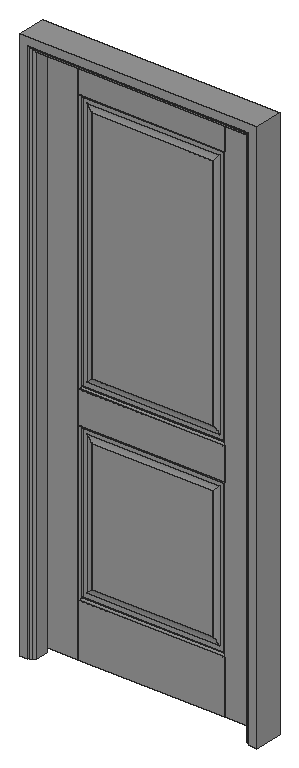
Revit family "V813MERCARVE9", category Doors, host Wall, Revit 2015 (continued)
Forms (mm)
  Sweep 137, void
    path origin (277.213, 102.5, 1742.818) x (-1, 0, 0) y (0, 0, -1)
      loop
        line (349.91, 683.492) -> (302.508, 683.492) -> (302.508, 636.09) -> (349.91, 636.09) -> (349.91, 683.492)
    profile origin (-48.996, 102.5, 1059.326) x (0, 0, 1) y (0, -1, 0)
      loop
        line (-4, 59) -> (4, 59) -> (0, 62.5) -> (-4, 59)
  Sweep 138, void
    path origin (277.213, 102.5, 322.826) x (-1, 0, 0) y (0, 0, -1)
      loop
        line (352.839, -726.5) -> (368.134, -711.205) -> (352.839, -695.91) -> (299.579, -695.91) -> (284.284, -711.205) -> (299.579, -726.5) -> (352.839, -726.5)
    profile origin (-48.996, 102.5, 1049.326) x (0, 0, 1) y (0, -1, 0)
      loop
        line (4, 59) -> (0, 62.5) -> (-4, 59) -> (4, 59)
  Sweep 139, void
    path origin (277.213, 102.5, 420.818) x (-1, 0, 0) y (0, 0, -1)
      loop
        line (352.839, -726.5) -> (368.134, -711.205) -> (352.839, -695.91) -> (299.579, -695.91) -> (284.284, -711.205) -> (299.579, -726.5) -> (352.839, -726.5)
    profile origin (-48.996, 102.5, 1147.318) x (0, 0, 1) y (0, -1, 0)
      loop
        line (4, 59) -> (0, 62.5) -> (-4, 59) -> (4, 59)
  Sweep 140, void
    path origin (-473.197, 102.5, 1742.818) x (1, 0, 0) y (0, 0, 1)
      loop
        line (349.91, -683.492) -> (349.91, -636.09) -> (302.508, -636.09) -> (302.508, -683.492) -> (349.91, -683.492)
    profile origin (-146.988, 102.5, 1059.326) x (0, 0, -1) y (0, -1, 0)
      loop
        line (4, 59) -> (0, 62.5) -> (-4, 59) -> (4, 59)
  Sweep 141, void
    path origin (-473.197, 102.5, 322.826) x (1, 0, 0) y (0, 0, 1)
      loop
        line (352.839, 726.5) -> (299.579, 726.5) -> (284.284, 711.205) -> (299.579, 695.91) -> (352.839, 695.91) -> (368.134, 711.205) -> (352.839, 726.5)
    profile origin (-146.988, 102.5, 1049.326) x (0, 0, -1) y (0, -1, 0)
      loop
        line (-4, 59) -> (4, 59) -> (0, 62.5) -> (-4, 59)
  Sweep 142, void
    path origin (-473.197, 102.5, 420.818) x (1, 0, 0) y (0, 0, 1)
      loop
        line (352.839, 726.5) -> (299.579, 726.5) -> (284.284, 711.205) -> (299.579, 695.91) -> (352.839, 695.91) -> (368.134, 711.205) -> (352.839, 726.5)
    profile origin (-146.988, 102.5, 1147.318) x (0, 0, -1) y (0, -1, 0)
      loop
        line (-4, 59) -> (4, 59) -> (0, 62.5) -> (-4, 59)
  Sweep 143, void
    path origin (515.221, 102.5, 1409.236) x (0, 0, -1) y (1, 0, 0)
      loop
        line (369.149, -712.221) -> (352.839, -695.91) -> (299.579, -695.91) -> (283.268, -712.221) -> (369.149, -712.221)
    profile origin (-197, 102.5, 1083.027) x (-1, 0, 0) y (0, -1, 0)
      loop
        line (4, 59) -> (0, 62.5) -> (-4, 59) -> (4, 59)
  Sweep 144, void
    path origin (473.197, 102.5, 1742.818) x (-1, 0, 0) y (0, 0, -1)
      loop
        line (349.91, 683.492) -> (302.508, 683.492) -> (302.508, 636.09) -> (349.91, 636.09) -> (349.91, 683.492)
    profile origin (146.988, 102.5, 1059.326) x (0, 0, 1) y (0, -1, 0)
      loop
        line (-4, 59) -> (4, 59) -> (0, 62.5) -> (-4, 59)
  Sweep 145, void
    path origin (473.197, 102.5, 322.826) x (-1, 0, 0) y (0, 0, -1)
      loop
        line (352.839, -726.5) -> (368.134, -711.205) -> (352.839, -695.91) -> (299.579, -695.91) -> (284.284, -711.205) -> (299.579, -726.5) -> (352.839, -726.5)
    profile origin (146.988, 102.5, 1049.326) x (0, 0, 1) y (0, -1, 0)
      loop
        line (4, 59) -> (0, 62.5) -> (-4, 59) -> (4, 59)
  Sweep 146, void
    path origin (473.197, 102.5, 420.818) x (-1, 0, 0) y (0, 0, -1)
      loop
        line (352.839, -726.5) -> (368.134, -711.205) -> (352.839, -695.91) -> (299.579, -695.91) -> (284.284, -711.205) -> (299.579, -726.5) -> (352.839, -726.5)
    profile origin (146.988, 102.5, 1147.318) x (0, 0, 1) y (0, -1, 0)
      loop
        line (4, 59) -> (0, 62.5) -> (-4, 59) -> (4, 59)
  Sweep 147, void
    path origin (-515.221, 102.5, 1409.236) x (0, 0, -1) y (1, 0, 0)
      loop
        line (369.149, 712.221) -> (283.268, 712.221) -> (299.579, 695.91) -> (352.839, 695.91) -> (369.149, 712.221)
    profile origin (197, 102.5, 1083.027) x (-1, 0, 0) y (0, -1, 0)
      loop
        line (-4, 59) -> (4, 59) -> (0, 62.5) -> (-4, 59)
  Sweep 148, void
    path origin (809.197, 102.5, 1997.19) x (0, 0, -1) y (1, 0, 0)
      loop
        line (352.839, -726.5) -> (368.134, -711.205) -> (352.839, -695.91) -> (299.579, -695.91) -> (284.284, -711.205) -> (299.579, -726.5) -> (352.839, -726.5)
    profile origin (82.697, 102.5, 1670.981) x (-1, 0, 0) y (0, -1, 0)
      loop
        line (4, 59) -> (0, 62.5) -> (-4, 59) -> (4, 59)
  Sweep 149, void
    path origin (-277.213, 102.5, 2330.772) x (1, 0, 0) y (0, 0, 1)
      loop
        line (349.91, -683.492) -> (349.91, -636.09) -> (302.508, -636.09) -> (302.508, -683.492) -> (349.91, -683.492)
    profile origin (48.996, 102.5, 1647.279) x (0, 0, -1) y (0, -1, 0)
      loop
        line (4, 59) -> (0, 62.5) -> (-4, 59) -> (4, 59)
  Sweep 150, void
    path origin (711.205, 102.5, 1997.19) x (0, 0, -1) y (1, 0, 0)
      loop
        line (352.839, -726.5) -> (368.134, -711.205) -> (352.839, -695.91) -> (299.579, -695.91) -> (284.284, -711.205) -> (299.579, -726.5) -> (352.839, -726.5)
    profile origin (-15.295, 102.5, 1670.981) x (-1, 0, 0) y (0, -1, 0)
      loop
        line (4, 59) -> (0, 62.5) -> (-4, 59) -> (4, 59)
  Sweep 151, void
    path origin (809.197, 102.5, 2095.182) x (0, 0, -1) y (1, 0, 0)
      loop
        line (352.839, -726.5) -> (368.134, -711.205) -> (352.839, -695.91) -> (299.579, -695.91) -> (284.284, -711.205) -> (299.579, -726.5) -> (352.839, -726.5)
    profile origin (82.697, 102.5, 1768.973) x (-1, 0, 0) y (0, -1, 0)
      loop
        line (4, 59) -> (0, 62.5) -> (-4, 59) -> (4, 59)
  Sweep 152, void
    path origin (-277.213, 102.5, 2428.764) x (1, 0, 0) y (0, 0, 1)
      loop
        line (349.91, -683.492) -> (349.91, -636.09) -> (302.508, -636.09) -> (302.508, -683.492) -> (349.91, -683.492)
    profile origin (48.996, 102.5, 1745.272) x (0, 0, -1) y (0, -1, 0)
      loop
        line (4, 59) -> (0, 62.5) -> (-4, 59) -> (4, 59)
  Sweep 153, void
    path origin (711.205, 102.5, 2095.182) x (0, 0, -1) y (1, 0, 0)
      loop
        line (352.839, -726.5) -> (368.134, -711.205) -> (352.839, -695.91) -> (299.579, -695.91) -> (284.284, -711.205) -> (299.579, -726.5) -> (352.839, -726.5)
    profile origin (-15.295, 102.5, 1768.973) x (-1, 0, 0) y (0, -1, 0)
      loop
        line (4, 59) -> (0, 62.5) -> (-4, 59) -> (4, 59)
  Sweep 154, void
    path origin (-277.213, 102.5, 1008.772) x (1, 0, 0) y (0, 0, 1)
      loop
        line (352.839, 726.5) -> (299.579, 726.5) -> (284.284, 711.205) -> (299.579, 695.91) -> (352.839, 695.91) -> (368.134, 711.205) -> (352.839, 726.5)
    profile origin (48.996, 102.5, 1735.272) x (0, 0, -1) y (0, -1, 0)
      loop
        line (-4, 59) -> (4, 59) -> (0, 62.5) -> (-4, 59)
  Sweep 155, void
    path origin (-277.213, 102.5, 1106.764) x (1, 0, 0) y (0, 0, 1)
      loop
        line (352.839, 726.5) -> (299.579, 726.5) -> (284.284, 711.205) -> (299.579, 695.91) -> (352.839, 695.91) -> (368.134, 711.205) -> (352.839, 726.5)
    profile origin (48.996, 102.5, 1833.264) x (0, 0, -1) y (0, -1, 0)
      loop
        line (-4, 59) -> (4, 59) -> (0, 62.5) -> (-4, 59)
  Sweep 156, void
    path origin (-809.197, 102.5, 1997.19) x (0, 0, -1) y (1, 0, 0)
      loop
        line (352.839, 726.5) -> (299.579, 726.5) -> (284.284, 711.205) -> (299.579, 695.91) -> (352.839, 695.91) -> (368.134, 711.205) -> (352.839, 726.5)
    profile origin (-82.697, 102.5, 1670.981) x (-1, 0, 0) y (0, -1, 0)
      loop
        line (-4, 59) -> (4, 59) -> (0, 62.5) -> (-4, 59)
  Sweep 157, void
    path origin (277.213, 102.5, 2330.772) x (-1, 0, 0) y (0, 0, -1)
      loop
        line (349.91, 683.492) -> (302.508, 683.492) -> (302.508, 636.09) -> (349.91, 636.09) -> (349.91, 683.492)
    profile origin (-48.996, 102.5, 1647.279) x (0, 0, 1) y (0, -1, 0)
      loop
        line (-4, 59) -> (4, 59) -> (0, 62.5) -> (-4, 59)
  Sweep 158, void
    path origin (-809.197, 102.5, 2095.182) x (0, 0, -1) y (1, 0, 0)
      loop
        line (352.839, 726.5) -> (299.579, 726.5) -> (284.284, 711.205) -> (299.579, 695.91) -> (352.839, 695.91) -> (368.134, 711.205) -> (352.839, 726.5)
    profile origin (-82.697, 102.5, 1768.973) x (-1, 0, 0) y (0, -1, 0)
      loop
        line (-4, 59) -> (4, 59) -> (0, 62.5) -> (-4, 59)
  Sweep 159, void
    path origin (277.213, 102.5, 2428.764) x (-1, 0, 0) y (0, 0, -1)
      loop
        line (349.91, 683.492) -> (302.508, 683.492) -> (302.508, 636.09) -> (349.91, 636.09) -> (349.91, 683.492)
    profile origin (-48.996, 102.5, 1745.272) x (0, 0, 1) y (0, -1, 0)
      loop
        line (-4, 59) -> (4, 59) -> (0, 62.5) -> (-4, 59)
  Sweep 160, void
    path origin (277.213, 102.5, 1008.772) x (-1, 0, 0) y (0, 0, -1)
      loop
        line (352.839, -726.5) -> (368.134, -711.205) -> (352.839, -695.91) -> (299.579, -695.91) -> (284.284, -711.205) -> (299.579, -726.5) -> (352.839, -726.5)
    profile origin (-48.996, 102.5, 1735.272) x (0, 0, 1) y (0, -1, 0)
      loop
        line (4, 59) -> (0, 62.5) -> (-4, 59) -> (4, 59)
  Sweep 161, void
    path origin (277.213, 102.5, 1106.764) x (-1, 0, 0) y (0, 0, -1)
      loop
        line (352.839, -726.5) -> (368.134, -711.205) -> (352.839, -695.91) -> (299.579, -695.91) -> (284.284, -711.205) -> (299.579, -726.5) -> (352.839, -726.5)
    profile origin (-48.996, 102.5, 1833.264) x (0, 0, 1) y (0, -1, 0)
      loop
        line (4, 59) -> (0, 62.5) -> (-4, 59) -> (4, 59)
  Sweep 162, void
    path origin (-473.197, 102.5, 2330.772) x (1, 0, 0) y (0, 0, 1)
      loop
        line (349.91, -683.492) -> (349.91, -636.09) -> (302.508, -636.09) -> (302.508, -683.492) -> (349.91, -683.492)
    profile origin (-146.988, 102.5, 1647.279) x (0, 0, -1) y (0, -1, 0)
      loop
        line (4, 59) -> (0, 62.5) -> (-4, 59) -> (4, 59)
  Sweep 163, void
    path origin (-473.197, 102.5, 2428.764) x (1, 0, 0) y (0, 0, 1)
      loop
        line (349.91, -683.492) -> (349.91, -636.09) -> (302.508, -636.09) -> (302.508, -683.492) -> (349.91, -683.492)
    profile origin (-146.988, 102.5, 1745.272) x (0, 0, -1) y (0, -1, 0)
      loop
        line (4, 59) -> (0, 62.5) -> (-4, 59) -> (4, 59)
  Sweep 164, void
    path origin (-473.197, 102.5, 1008.772) x (1, 0, 0) y (0, 0, 1)
      loop
        line (352.839, 726.5) -> (299.579, 726.5) -> (284.284, 711.205) -> (299.579, 695.91) -> (352.839, 695.91) -> (368.134, 711.205) -> (352.839, 726.5)
    profile origin (-146.988, 102.5, 1735.272) x (0, 0, -1) y (0, -1, 0)
      loop
        line (-4, 59) -> (4, 59) -> (0, 62.5) -> (-4, 59)
  Sweep 165, void
    path origin (-473.197, 102.5, 1106.764) x (1, 0, 0) y (0, 0, 1)
      loop
        line (352.839, 726.5) -> (299.579, 726.5) -> (284.284, 711.205) -> (299.579, 695.91) -> (352.839, 695.91) -> (368.134, 711.205) -> (352.839, 726.5)
    profile origin (-146.988, 102.5, 1833.264) x (0, 0, -1) y (0, -1, 0)
      loop
        line (-4, 59) -> (4, 59) -> (0, 62.5) -> (-4, 59)
  Sweep 166, void
    path origin (515.221, 102.5, 2095.182) x (0, 0, -1) y (1, 0, 0)
      loop
        line (369.149, -712.221) -> (352.839, -695.91) -> (299.579, -695.91) -> (283.268, -712.221) -> (369.149, -712.221)
    profile origin (-197, 102.5, 1768.973) x (-1, 0, 0) y (0, -1, 0)
      loop
        line (4, 59) -> (0, 62.5) -> (-4, 59) -> (4, 59)
  Sweep 167, void
    path origin (515.221, 102.5, 1997.19) x (0, 0, -1) y (1, 0, 0)
      loop
        line (369.149, -712.221) -> (352.839, -695.91) -> (299.579, -695.91) -> (283.268, -712.221) -> (369.149, -712.221)
    profile origin (-197, 102.5, 1670.981) x (-1, 0, 0) y (0, -1, 0)
      loop
        line (4, 59) -> (0, 62.5) -> (-4, 59) -> (4, 59)
  Sweep 168, void
    path origin (473.197, 102.5, 2330.772) x (-1, 0, 0) y (0, 0, -1)
      loop
        line (349.91, 683.492) -> (302.508, 683.492) -> (302.508, 636.09) -> (349.91, 636.09) -> (349.91, 683.492)
    profile origin (146.988, 102.5, 1647.279) x (0, 0, 1) y (0, -1, 0)
      loop
        line (-4, 59) -> (4, 59) -> (0, 62.5) -> (-4, 59)
  Sweep 169, void
    path origin (473.197, 102.5, 2428.764) x (-1, 0, 0) y (0, 0, -1)
      loop
        line (349.91, 683.492) -> (302.508, 683.492) -> (302.508, 636.09) -> (349.91, 636.09) -> (349.91, 683.492)
    profile origin (146.988, 102.5, 1745.272) x (0, 0, 1) y (0, -1, 0)
      loop
        line (-4, 59) -> (4, 59) -> (0, 62.5) -> (-4, 59)
  Sweep 170, void
    path origin (473.197, 102.5, 1008.772) x (-1, 0, 0) y (0, 0, -1)
      loop
        line (352.839, -726.5) -> (368.134, -711.205) -> (352.839, -695.91) -> (299.579, -695.91) -> (284.284, -711.205) -> (299.579, -726.5) -> (352.839, -726.5)
    profile origin (146.988, 102.5, 1735.272) x (0, 0, 1) y (0, -1, 0)
      loop
        line (4, 59) -> (0, 62.5) -> (-4, 59) -> (4, 59)
  Sweep 171, void
    path origin (473.197, 102.5, 1106.764) x (-1, 0, 0) y (0, 0, -1)
      loop
        line (352.839, -726.5) -> (368.134, -711.205) -> (352.839, -695.91) -> (299.579, -695.91) -> (284.284, -711.205) -> (299.579, -726.5) -> (352.839, -726.5)
    profile origin (146.988, 102.5, 1833.264) x (0, 0, 1) y (0, -1, 0)
      loop
        line (4, 59) -> (0, 62.5) -> (-4, 59) -> (4, 59)
  Sweep 172, void
    path origin (-515.221, 102.5, 2095.182) x (0, 0, -1) y (1, 0, 0)
      loop
        line (369.149, 712.221) -> (283.268, 712.221) -> (299.579, 695.91) -> (352.839, 695.91) -> (369.149, 712.221)
    profile origin (197, 102.5, 1768.973) x (-1, 0, 0) y (0, -1, 0)
      loop
        line (-4, 59) -> (4, 59) -> (0, 62.5) -> (-4, 59)
  Sweep 173, void
    path origin (-515.221, 102.5, 1997.19) x (0, 0, -1) y (1, 0, 0)
      loop
        line (369.149, 712.221) -> (283.268, 712.221) -> (299.579, 695.91) -> (352.839, 695.91) -> (369.149, 712.221)
    profile origin (197, 102.5, 1670.981) x (-1, 0, 0) y (0, -1, 0)
      loop
        line (-4, 59) -> (4, 59) -> (0, 62.5) -> (-4, 59)
Cuts and joins
  Sweep 8, Sweep 9, Sweep 10, Sweep 11, Sweep 12, Sweep 13, Sweep 14, Sweep 15, Sweep 16, Sweep 17, Sweep 18, Sweep 19, Sweep 20, Sweep 21, Sweep 22, Sweep 23, Sweep 24, Sweep 25, Sweep 26, Sweep 27, Sweep 28, Sweep 29, Sweep 30, Sweep 31, Sweep 32, Sweep 33, Sweep 34, Sweep 35, Sweep 36, Sweep 37, Sweep 38, Sweep 39, Sweep 40, Sweep 41, Sweep 42, Sweep 43, Sweep 44, Sweep 45, Sweep 46, Sweep 47, Sweep 48, Sweep 49, Sweep 50, Sweep 51, Sweep 52, Sweep 53, Sweep 54, Sweep 55, Sweep 56, Sweep 57, Sweep 58, Sweep 59, Sweep 60, Sweep 61, Sweep 62, Sweep 63, Sweep 64, Sweep 65, Sweep 66, Sweep 67, Sweep 68, Sweep 69, Sweep 70, Sweep 71, Sweep 72, Sweep 73, Sweep 74, Sweep 75, Sweep 76, Sweep 77, Sweep 78, Sweep 79, Sweep 80, Sweep 81, Sweep 82, Sweep 83, Sweep 84, Sweep 85, Sweep 86, Sweep 87, Sweep 88, Sweep 89, Sweep 90, Sweep 91, Sweep 92, Sweep 93, Sweep 94, Sweep 95, Sweep 96, Sweep 97, Sweep 98, Sweep 99, Sweep 100, Sweep 101, Sweep 102, Sweep 103, Sweep 104, Sweep 105, Sweep 106, Sweep 107, Sweep 108, Sweep 109, Sweep 110, Sweep 111, Sweep 112, Sweep 113, Sweep 114, Sweep 115, Sweep 116, Sweep 117, Sweep 118, Sweep 119, Sweep 120, Sweep 121 cuts Extrusion 6
  Sweep 65, Sweep 66, Sweep 67, Sweep 68, Sweep 69, Sweep 70, Sweep 71, Sweep 72, Sweep 73, Sweep 74, Sweep 75, Sweep 76, Sweep 77, Sweep 78, Sweep 79, Sweep 80, Sweep 81, Sweep 82, Sweep 83, Sweep 84, Sweep 85, Sweep 86, Sweep 87, Sweep 88, Sweep 89, Sweep 90, Sweep 91, Sweep 92, Sweep 93, Sweep 94, Sweep 95, Sweep 96, Sweep 97, Sweep 98, Sweep 99, Sweep 100, Sweep 101, Sweep 102, Sweep 103, Sweep 104, Sweep 105, Sweep 106, Sweep 107, Sweep 108, Sweep 109, Sweep 110, Sweep 111, Sweep 112, Sweep 113, Sweep 114, Sweep 115, Sweep 116, Sweep 117, Sweep 118, Sweep 119, Sweep 120, Sweep 121, Sweep 122, Sweep 123, Sweep 124, Sweep 125, Sweep 126, Sweep 127, Sweep 128, Sweep 129, Sweep 130, Sweep 131, Sweep 132, Sweep 133, Sweep 134, Sweep 135, Sweep 136, Sweep 137, Sweep 138, Sweep 139, Sweep 140, Sweep 141, Sweep 142, Sweep 143, Sweep 144, Sweep 145, Sweep 146, Sweep 147, Sweep 148, Sweep 149, Sweep 150, Sweep 151, Sweep 152, Sweep 153, Sweep 154, Sweep 155, Sweep 156, Sweep 157, Sweep 158, Sweep 159, Sweep 160, Sweep 161, Sweep 162, Sweep 163, Sweep 164, Sweep 165, Sweep 166, Sweep 167, Sweep 168, Sweep 169, Sweep 170, Sweep 171, Sweep 172, Sweep 173 cuts Extrusion 7
Lines and regions (mm)
  Opening 1
    outline origin (-3050, -75, 0) x (1, 0, 0) y (0, 0, 1)
      loop
        line (2605.5, 0) -> (3494.5, 0) -> (3494.5, 2090) -> (2605.5, 2090) -> (2605.5, 0)
  symbolic lines, style "Elevation Swing"
    curve 1: line (444.5, -75, 1045) -> (-444.5, -75, 2090)
    curve 2: line (444.5, -75, 1045) -> (-444.5, -75, 0)
  model lines
    curve 3: line (406.5, 52.5, 0) -> (406.5, 865.5, 0)
    curve 4: arc (-406.5, 52.5, 0) -> (-168.378, 627.378, 0) -> (406.5, 865.5, 0) r 813
Text (mm)
  text "Exterior" at (-2295.016, 1099.543, 0), in view "Ref. Level"
  text "Exterior" at (0, 1615.38, 3698.081), in view "Left"
  text "Exterior" at (0, 1036.032, 3874.932), in view "Right"
Dimensions and locks
  equal spacing: plane 3 "Left", plane 2 "Center (Left/Right)", plane 4 "Right"
  "Width": plane 3 "Left" to plane 4 "Right"
  "Height": plane 5 to host wall
  equal spacing: host wall, curve 2, plane 5
  host wall to plane 5 = 2090 mm
  locked: plane 6 "Exterior" to host wall at 0
  locked: plane 7 "Interior" to host wall
  plane 3 "Left" to plane 4 "Right" = 889 mm
  Sweep 1 to Sweep 1 = 813 mm
  Extrusion 3 to Sweep 1 = 2032 mm
  aligned and locked: plane 3 "Left" to Opening 1 sketch curve
  aligned and locked: plane 5 to Opening 1 sketch curve  (x2)
  aligned and locked: Opening 1 sketch curve to plane 4 "Right"
  aligned and locked: Opening 1 sketch curve to level
  aligned and locked: plane 5 to curve 1
  aligned and locked: plane 3 "Left" to curve 2
  aligned and locked: plane 1 to host wall
  aligned and locked: plane 3 "Left" to curve 1
Automatic sketch dimensions
  curve 2 to level = 0 mm
  plane 4 "Right" to curve 2 = 0 mm
  plane 3 "Left" to Sweep 1 sketch curve = 0 mm
  plane 4 "Right" to Sweep 1 sketch curve = 0 mm
  Sweep 1 sketch curve to level = 0 mm  (x2)
  Sweep 1 sketch curve to plane 5 = 0 mm
  Extrusion 2 sketch curve to host wall = 7.5 mm  (x3)
  Extrusion 2 sketch curve to Extrusion 2 sketch curve = 2 mm  (x18)
  Extrusion 2 sketch curve to Extrusion 2 sketch curve = 6 mm  (x8)
  Extrusion 2 sketch curve to Extrusion 2 sketch curve = 0.803 mm  (x3)
  Extrusion 2 sketch curve to Extrusion 2 sketch curve = 6.803 mm  (x5)
  Extrusion 2 sketch curve to Extrusion 2 sketch curve = 1.197 mm  (x8)
  Extrusion 2 sketch curve to Extrusion 2 sketch curve = 20 mm  (x4)
  Extrusion 2 sketch curve to host wall = 27.5 mm
  level to Extrusion 2 sketch curve = 20 mm
  Extrusion 2 sketch curve to Extrusion 2 sketch curve = 195 mm
  Extrusion 2 sketch curve to Extrusion 2 sketch curve = 6.241 mm  (x6)
  Extrusion 2 sketch curve to Extrusion 2 sketch curve = 0 mm  (x2)
  Extrusion 2 sketch curve to Extrusion 2 sketch curve = 6.759 mm  (x4)
  plane 5 to Extrusion 2 sketch curve = 178 mm
  plane 5 to Extrusion 2 sketch curve = 38 mm
  Extrusion 3 sketch curve to host wall = 7.5 mm  (x2)
  Extrusion 3 sketch curve to plane 3 "Left" = 38 mm
  Extrusion 3 sketch curve to host wall = 37.5 mm
  Extrusion 3 sketch curve to Extrusion 3 sketch curve = 125 mm
  Extrusion 3 sketch curve to Extrusion 3 sketch curve = 6 mm  (x3)
  Extrusion 3 sketch curve to Extrusion 3 sketch curve = 0.473 mm  (x4)
  Extrusion 3 sketch curve to Extrusion 3 sketch curve = 6.527 mm  (x4)
  Extrusion 3 sketch curve to Extrusion 3 sketch curve = 2 mm  (x12)
  Extrusion 3 sketch curve to host wall = 15.5 mm
  plane 4 "Right" to Extrusion 3 sketch curve = 178 mm
  Extrusion 3 sketch curve to Extrusion 3 sketch curve = 0 mm
  Extrusion 3 sketch curve to Extrusion 3 sketch curve = 6.473 mm
  plane 4 "Right" to Extrusion 3 sketch curve = 38 mm
  Extrusion 3 sketch curve to Extrusion 3 sketch curve = 20 mm
  Extrusion 3 sketch curve to Extrusion 3 sketch curve = 1.468 mm  (x2)
  Sweep 4 sketch curve to plane 3 "Left" = 169 mm
  plane 4 "Right" to Sweep 4 sketch curve = 169 mm
  plane 5 to Sweep 4 sketch curve = 169 mm
  profile plane to Sweep 4 sketch curve = 4.5 mm
  Sweep 4 sketch curve to profile plane = 24.613 mm  (x2)
  Sweep 4 sketch curve to profile plane = 25.727 mm
  Sweep 4 sketch curve to Sweep 4 sketch curve = 0 mm
  Sweep 4 sketch curve to Sweep 4 sketch curve = 22.773 mm
  Sweep 4 sketch curve to plane 6 "Exterior" = 12.944 mm
  plane 6 "Exterior" to Sweep 4 sketch curve = 31.5 mm
  Sweep 4 sketch curve to Sweep 4 sketch curve = 20 mm
  Sweep 4 sketch curve to Sweep 4 sketch curve = 6 mm
  Sweep 5 sketch curve to plane 3 "Left" = 169 mm
  plane 4 "Right" to Sweep 5 sketch curve = 169 mm
  level to Sweep 5 sketch curve = 221 mm
  profile plane to Sweep 5 sketch curve = 4.5 mm
  Sweep 5 sketch curve to profile plane = 24.613 mm  (x2)
  Sweep 5 sketch curve to profile plane = 25.727 mm
  Sweep 5 sketch curve to Sweep 5 sketch curve = 0 mm
  Sweep 5 sketch curve to Sweep 5 sketch curve = 22.773 mm
  Sweep 5 sketch curve to plane 6 "Exterior" = 12.944 mm
  plane 6 "Exterior" to Sweep 5 sketch curve = 31.5 mm
  Sweep 5 sketch curve to Sweep 5 sketch curve = 20 mm
  Sweep 5 sketch curve to Sweep 5 sketch curve = 6 mm
  Extrusion 6 sketch curve to plane 3 "Left" = 217.5 mm
  plane 4 "Right" to Extrusion 6 sketch curve = 217.5 mm
  Extrusion 7 sketch curve to plane 3 "Left" = 217.5 mm
  plane 4 "Right" to Extrusion 7 sketch curve = 217.5 mm
  plane 5 to Extrusion 7 sketch curve = 217.5 mm
  plane 4 "Right" to curve 4 = 38 mm
  curve 4 to host wall = 22.5 mm
  host wall to curve 3 = 790.5 mm
  curve 3 to curve 4 = 0 mm
  Sweep 8 sketch curve to plane 2 "Center (Left/Right)" = 197 mm
  plane 2 "Center (Left/Right)" to Sweep 8 sketch curve = 197 mm
  profile plane to Sweep 8 sketch curve = 0 mm
  profile plane to Sweep 8 sketch curve = 4 mm
  Sweep 8 sketch curve to profile plane = 4 mm
  profile plane to Sweep 8 sketch curve = 59 mm
  Sweep 8 sketch curve to Sweep 8 sketch curve = 3.5 mm
  Sweep 9 sketch curve to Sweep 9 sketch curve = 15.295 mm  (x6)
  Sweep 9 sketch curve to Sweep 9 sketch curve = 0 mm
  plane 2 "Center (Left/Right)" to Sweep 9 sketch curve = 113.287 mm
  Sweep 9 sketch curve to profile plane = 0 mm
  profile plane to Sweep 9 sketch curve = 4 mm
  profile plane to Sweep 9 sketch curve = 59 mm
  Sweep 9 sketch curve to Sweep 9 sketch curve = 3.5 mm
  Sweep 9 sketch curve to profile plane = 4 mm
  plane 2 "Center (Left/Right)" to Sweep 10 sketch curve = 25.295 mm
  Sweep 10 sketch curve to Sweep 10 sketch curve = 47.403 mm  (x2)
  Sweep 10 sketch curve to profile plane = 0 mm
  profile plane to Sweep 10 sketch curve = 4 mm
  Sweep 10 sketch curve to profile plane = 4 mm
  profile plane to Sweep 10 sketch curve = 59 mm
  Sweep 10 sketch curve to Sweep 10 sketch curve = 3.5 mm
  plane 2 "Center (Left/Right)" to Sweep 11 sketch curve = 7.071 mm
  Sweep 11 sketch curve to Sweep 11 sketch curve = 15.295 mm  (x6)
  Sweep 11 sketch curve to Sweep 11 sketch curve = 53.26 mm
  Sweep 11 sketch curve to Sweep 11 sketch curve = 0 mm
  Sweep 11 sketch curve to profile plane = 0 mm
  profile plane to Sweep 11 sketch curve = 4 mm
  Sweep 11 sketch curve to profile plane = 4 mm
  profile plane to Sweep 11 sketch curve = 59 mm
  Sweep 11 sketch curve to Sweep 11 sketch curve = 3.5 mm
  Sweep 12 sketch curve to plane 2 "Center (Left/Right)" = 0 mm  (x2)
  plane 2 "Center (Left/Right)" to Sweep 12 sketch curve = 15.295 mm
  Sweep 12 sketch curve to Sweep 12 sketch curve = 15.295 mm  (x3)
  Sweep 12 sketch curve to plane 2 "Center (Left/Right)" = 15.295 mm
  Sweep 12 sketch curve to Sweep 12 sketch curve = 0 mm
  Sweep 12 sketch curve to profile plane = 0 mm
  profile plane to Sweep 12 sketch curve = 4 mm
  profile plane to Sweep 12 sketch curve = 59 mm
  Sweep 12 sketch curve to Sweep 12 sketch curve = 3.5 mm
  Sweep 12 sketch curve to profile plane = 4 mm
  Sweep 13 sketch curve to Sweep 13 sketch curve = 15.295 mm  (x6)
  Sweep 13 sketch curve to Sweep 13 sketch curve = 53.26 mm
  Sweep 13 sketch curve to Sweep 13 sketch curve = 0 mm
  plane 2 "Center (Left/Right)" to Sweep 13 sketch curve = 113.287 mm
  Sweep 13 sketch curve to profile plane = 0 mm
  profile plane to Sweep 13 sketch curve = 4 mm
  profile plane to Sweep 13 sketch curve = 59 mm
  Sweep 13 sketch curve to Sweep 13 sketch curve = 3.5 mm
  Sweep 13 sketch curve to profile plane = 4 mm
  plane 2 "Center (Left/Right)" to Sweep 14 sketch curve = 25.295 mm
  Sweep 14 sketch curve to Sweep 14 sketch curve = 47.403 mm  (x2)
  Sweep 14 sketch curve to profile plane = 0 mm
  profile plane to Sweep 14 sketch curve = 4 mm
  Sweep 14 sketch curve to profile plane = 4 mm
  profile plane to Sweep 14 sketch curve = 59 mm
  Sweep 14 sketch curve to Sweep 14 sketch curve = 3.5 mm
  Sweep 15 sketch curve to plane 2 "Center (Left/Right)" = 0 mm  (x2)
  Sweep 15 sketch curve to Sweep 15 sketch curve = 15.295 mm  (x3)
  plane 2 "Center (Left/Right)" to Sweep 15 sketch curve = 15.295 mm
  Sweep 15 sketch curve to Sweep 15 sketch curve = 53.26 mm
  Sweep 15 sketch curve to plane 2 "Center (Left/Right)" = 15.295 mm
  Sweep 15 sketch curve to Sweep 15 sketch curve = 0 mm
  Sweep 15 sketch curve to profile plane = 0 mm
  profile plane to Sweep 15 sketch curve = 4 mm
  profile plane to Sweep 15 sketch curve = 59 mm
  Sweep 15 sketch curve to Sweep 15 sketch curve = 3.5 mm
  Sweep 15 sketch curve to profile plane = 4 mm
  Sweep 16 sketch curve to Sweep 16 sketch curve = 15.295 mm  (x6)
  plane 2 "Center (Left/Right)" to Sweep 16 sketch curve = 113.287 mm
  Sweep 16 sketch curve to profile plane = 0 mm
  profile plane to Sweep 16 sketch curve = 4 mm
  profile plane to Sweep 16 sketch curve = 59 mm
  Sweep 16 sketch curve to Sweep 16 sketch curve = 3.5 mm
  Sweep 16 sketch curve to profile plane = 4 mm
  plane 2 "Center (Left/Right)" to Sweep 17 sketch curve = 25.295 mm
  Sweep 17 sketch curve to Sweep 17 sketch curve = 47.403 mm  (x2)
  Sweep 17 sketch curve to profile plane = 0 mm
  profile plane to Sweep 17 sketch curve = 4 mm
  Sweep 17 sketch curve to profile plane = 4 mm
  profile plane to Sweep 17 sketch curve = 59 mm
  Sweep 17 sketch curve to Sweep 17 sketch curve = 3.5 mm
  Sweep 18 sketch curve to plane 2 "Center (Left/Right)" = 0 mm  (x2)
  plane 2 "Center (Left/Right)" to Sweep 18 sketch curve = 15.295 mm
  Sweep 18 sketch curve to Sweep 18 sketch curve = 15.295 mm  (x3)
  Sweep 18 sketch curve to plane 2 "Center (Left/Right)" = 15.295 mm
  Sweep 18 sketch curve to profile plane = 0 mm
  profile plane to Sweep 18 sketch curve = 4 mm
  profile plane to Sweep 18 sketch curve = 59 mm
  Sweep 18 sketch curve to Sweep 18 sketch curve = 3.5 mm
  Sweep 18 sketch curve to profile plane = 4 mm
  Sweep 19 sketch curve to Sweep 19 sketch curve = 15.295 mm  (x6)
  plane 2 "Center (Left/Right)" to Sweep 19 sketch curve = 82.697 mm
  Sweep 19 sketch curve to Sweep 19 sketch curve = 53.26 mm
  Sweep 19 sketch curve to Sweep 19 sketch curve = 0 mm
  Sweep 19 sketch curve to profile plane = 0 mm
  profile plane to Sweep 19 sketch curve = 4 mm
  profile plane to Sweep 19 sketch curve = 59 mm
  Sweep 19 sketch curve to Sweep 19 sketch curve = 3.5 mm
  Sweep 19 sketch curve to profile plane = 4 mm
  plane 2 "Center (Left/Right)" to Sweep 20 sketch curve = 25.295 mm
  Sweep 20 sketch curve to Sweep 20 sketch curve = 47.403 mm  (x2)
  Sweep 20 sketch curve to profile plane = 0 mm
  profile plane to Sweep 20 sketch curve = 4 mm
  Sweep 20 sketch curve to profile plane = 4 mm
  profile plane to Sweep 20 sketch curve = 59 mm
  Sweep 20 sketch curve to Sweep 20 sketch curve = 3.5 mm
  Sweep 21 sketch curve to plane 2 "Center (Left/Right)" = 0 mm  (x2)
  plane 2 "Center (Left/Right)" to Sweep 21 sketch curve = 15.295 mm
  Sweep 21 sketch curve to Sweep 21 sketch curve = 15.295 mm  (x3)
  Sweep 21 sketch curve to plane 2 "Center (Left/Right)" = 15.295 mm
  Sweep 21 sketch curve to Sweep 21 sketch curve = 53.26 mm
  Sweep 21 sketch curve to Sweep 21 sketch curve = 0 mm
  Sweep 21 sketch curve to profile plane = 0 mm
  profile plane to Sweep 21 sketch curve = 4 mm
  profile plane to Sweep 21 sketch curve = 59 mm
  Sweep 21 sketch curve to Sweep 21 sketch curve = 3.5 mm
  Sweep 21 sketch curve to profile plane = 4 mm
  plane 2 "Center (Left/Right)" to Sweep 22 sketch curve = 7.071 mm
  Sweep 22 sketch curve to Sweep 22 sketch curve = 15.295 mm  (x6)
  Sweep 22 sketch curve to Sweep 22 sketch curve = 53.26 mm
  Sweep 22 sketch curve to Sweep 22 sketch curve = 0 mm
  Sweep 22 sketch curve to profile plane = 0 mm
  profile plane to Sweep 22 sketch curve = 4 mm
  Sweep 22 sketch curve to profile plane = 4 mm
  profile plane to Sweep 22 sketch curve = 59 mm
  Sweep 22 sketch curve to Sweep 22 sketch curve = 3.5 mm
  plane 2 "Center (Left/Right)" to Sweep 23 sketch curve = 7.071 mm
  Sweep 23 sketch curve to Sweep 23 sketch curve = 15.295 mm  (x6)
  Sweep 23 sketch curve to Sweep 23 sketch curve = 53.26 mm
  Sweep 23 sketch curve to Sweep 23 sketch curve = 0 mm
  Sweep 23 sketch curve to profile plane = 0 mm
  profile plane to Sweep 23 sketch curve = 4 mm
  Sweep 23 sketch curve to profile plane = 4 mm
  profile plane to Sweep 23 sketch curve = 59 mm
  Sweep 23 sketch curve to Sweep 23 sketch curve = 3.5 mm
  plane 2 "Center (Left/Right)" to Sweep 24 sketch curve = 7.071 mm
  Sweep 24 sketch curve to Sweep 24 sketch curve = 15.295 mm  (x6)
  Sweep 24 sketch curve to Sweep 24 sketch curve = 53.26 mm
  Sweep 24 sketch curve to Sweep 24 sketch curve = 0 mm
  Sweep 24 sketch curve to profile plane = 0 mm
  profile plane to Sweep 24 sketch curve = 4 mm
  Sweep 24 sketch curve to profile plane = 4 mm
  profile plane to Sweep 24 sketch curve = 59 mm
  Sweep 24 sketch curve to Sweep 24 sketch curve = 3.5 mm
  plane 2 "Center (Left/Right)" to Sweep 25 sketch curve = 7.071 mm
  Sweep 25 sketch curve to Sweep 25 sketch curve = 15.295 mm  (x6)
  Sweep 25 sketch curve to Sweep 25 sketch curve = 53.26 mm
  Sweep 25 sketch curve to Sweep 25 sketch curve = 0 mm
  Sweep 25 sketch curve to profile plane = 0 mm
  profile plane to Sweep 25 sketch curve = 4 mm
  Sweep 25 sketch curve to profile plane = 4 mm
  profile plane to Sweep 25 sketch curve = 59 mm
  Sweep 25 sketch curve to Sweep 25 sketch curve = 3.5 mm
  Sweep 26 sketch curve to Sweep 26 sketch curve = 15.295 mm  (x6)
  Sweep 26 sketch curve to Sweep 26 sketch curve = 0 mm
  Sweep 26 sketch curve to plane 2 "Center (Left/Right)" = 82.697 mm
  Sweep 26 sketch curve to profile plane = 0 mm
  Sweep 26 sketch curve to profile plane = 4 mm
  profile plane to Sweep 26 sketch curve = 59 mm
  Sweep 26 sketch curve to Sweep 26 sketch curve = 3.5 mm
  profile plane to Sweep 26 sketch curve = 4 mm
  Sweep 27 sketch curve to plane 2 "Center (Left/Right)" = 25.295 mm
  Sweep 27 sketch curve to Sweep 27 sketch curve = 47.403 mm  (x2)
  profile plane to Sweep 27 sketch curve = 0 mm
  profile plane to Sweep 27 sketch curve = 4 mm
  Sweep 27 sketch curve to profile plane = 4 mm
  profile plane to Sweep 27 sketch curve = 59 mm
  Sweep 27 sketch curve to Sweep 27 sketch curve = 3.5 mm
  Sweep 28 sketch curve to plane 2 "Center (Left/Right)" = 7.071 mm
  Sweep 28 sketch curve to Sweep 28 sketch curve = 15.295 mm  (x6)
  Sweep 28 sketch curve to Sweep 28 sketch curve = 53.26 mm
  Sweep 28 sketch curve to Sweep 28 sketch curve = 0 mm
  profile plane to Sweep 28 sketch curve = 0 mm
  profile plane to Sweep 28 sketch curve = 4 mm
  Sweep 28 sketch curve to profile plane = 4 mm
  profile plane to Sweep 28 sketch curve = 59 mm
  Sweep 28 sketch curve to Sweep 28 sketch curve = 3.5 mm
  Sweep 29 sketch curve to Sweep 29 sketch curve = 15.295 mm  (x6)
  Sweep 29 sketch curve to Sweep 29 sketch curve = 53.26 mm
  Sweep 29 sketch curve to Sweep 29 sketch curve = 0 mm
  Sweep 29 sketch curve to plane 2 "Center (Left/Right)" = 82.697 mm
  Sweep 29 sketch curve to profile plane = 0 mm
  Sweep 29 sketch curve to profile plane = 4 mm
  profile plane to Sweep 29 sketch curve = 59 mm
  Sweep 29 sketch curve to Sweep 29 sketch curve = 3.5 mm
  profile plane to Sweep 29 sketch curve = 4 mm
  Sweep 30 sketch curve to plane 2 "Center (Left/Right)" = 25.295 mm
  Sweep 30 sketch curve to Sweep 30 sketch curve = 47.403 mm  (x2)
  profile plane to Sweep 30 sketch curve = 0 mm
  profile plane to Sweep 30 sketch curve = 4 mm
  Sweep 30 sketch curve to profile plane = 4 mm
  profile plane to Sweep 30 sketch curve = 59 mm
  Sweep 30 sketch curve to Sweep 30 sketch curve = 3.5 mm
  Sweep 31 sketch curve to Sweep 31 sketch curve = 15.295 mm  (x6)
  Sweep 31 sketch curve to plane 2 "Center (Left/Right)" = 82.697 mm
  Sweep 31 sketch curve to profile plane = 0 mm
  Sweep 31 sketch curve to profile plane = 4 mm
  profile plane to Sweep 31 sketch curve = 59 mm
  Sweep 31 sketch curve to Sweep 31 sketch curve = 3.5 mm
  profile plane to Sweep 31 sketch curve = 4 mm
  Sweep 32 sketch curve to plane 2 "Center (Left/Right)" = 25.295 mm
  Sweep 32 sketch curve to Sweep 32 sketch curve = 47.403 mm  (x2)
  profile plane to Sweep 32 sketch curve = 0 mm
  profile plane to Sweep 32 sketch curve = 4 mm
  Sweep 32 sketch curve to profile plane = 4 mm
  profile plane to Sweep 32 sketch curve = 59 mm
  Sweep 32 sketch curve to Sweep 32 sketch curve = 3.5 mm
  Sweep 33 sketch curve to Sweep 33 sketch curve = 15.295 mm  (x6)
  Sweep 33 sketch curve to plane 2 "Center (Left/Right)" = 82.697 mm
  Sweep 33 sketch curve to Sweep 33 sketch curve = 53.26 mm
  Sweep 33 sketch curve to Sweep 33 sketch curve = 0 mm
  Sweep 33 sketch curve to profile plane = 0 mm
  Sweep 33 sketch curve to profile plane = 4 mm
  profile plane to Sweep 33 sketch curve = 59 mm
  Sweep 33 sketch curve to Sweep 33 sketch curve = 3.5 mm
  profile plane to Sweep 33 sketch curve = 4 mm
  Sweep 34 sketch curve to plane 2 "Center (Left/Right)" = 25.295 mm
  Sweep 34 sketch curve to Sweep 34 sketch curve = 47.403 mm  (x2)
  profile plane to Sweep 34 sketch curve = 0 mm
  profile plane to Sweep 34 sketch curve = 4 mm
  Sweep 34 sketch curve to profile plane = 4 mm
  profile plane to Sweep 34 sketch curve = 59 mm
  Sweep 34 sketch curve to Sweep 34 sketch curve = 3.5 mm
  Sweep 35 sketch curve to plane 2 "Center (Left/Right)" = 7.071 mm
  Sweep 35 sketch curve to Sweep 35 sketch curve = 15.295 mm  (x6)
  Sweep 35 sketch curve to Sweep 35 sketch curve = 53.26 mm
  Sweep 35 sketch curve to Sweep 35 sketch curve = 0 mm
  profile plane to Sweep 35 sketch curve = 0 mm
  profile plane to Sweep 35 sketch curve = 4 mm
  Sweep 35 sketch curve to profile plane = 4 mm
  profile plane to Sweep 35 sketch curve = 59 mm
  Sweep 35 sketch curve to Sweep 35 sketch curve = 3.5 mm
  Sweep 36 sketch curve to plane 2 "Center (Left/Right)" = 7.071 mm
  Sweep 36 sketch curve to Sweep 36 sketch curve = 15.295 mm  (x6)
  Sweep 36 sketch curve to Sweep 36 sketch curve = 53.26 mm
  Sweep 36 sketch curve to Sweep 36 sketch curve = 0 mm
  profile plane to Sweep 36 sketch curve = 0 mm
  profile plane to Sweep 36 sketch curve = 4 mm
  Sweep 36 sketch curve to profile plane = 4 mm
  profile plane to Sweep 36 sketch curve = 59 mm
  Sweep 36 sketch curve to Sweep 36 sketch curve = 3.5 mm
  Sweep 37 sketch curve to plane 2 "Center (Left/Right)" = 7.071 mm
  Sweep 37 sketch curve to Sweep 37 sketch curve = 15.295 mm  (x6)
  Sweep 37 sketch curve to Sweep 37 sketch curve = 53.26 mm
  Sweep 37 sketch curve to Sweep 37 sketch curve = 0 mm
  profile plane to Sweep 37 sketch curve = 0 mm
  profile plane to Sweep 37 sketch curve = 4 mm
  Sweep 37 sketch curve to profile plane = 4 mm
  profile plane to Sweep 37 sketch curve = 59 mm
  Sweep 37 sketch curve to Sweep 37 sketch curve = 3.5 mm
  Sweep 38 sketch curve to plane 2 "Center (Left/Right)" = 7.071 mm
  Sweep 38 sketch curve to Sweep 38 sketch curve = 15.295 mm  (x6)
  Sweep 38 sketch curve to Sweep 38 sketch curve = 53.26 mm
  Sweep 38 sketch curve to Sweep 38 sketch curve = 0 mm
  profile plane to Sweep 38 sketch curve = 0 mm
  profile plane to Sweep 38 sketch curve = 4 mm
  Sweep 38 sketch curve to profile plane = 4 mm
  profile plane to Sweep 38 sketch curve = 59 mm
  Sweep 38 sketch curve to Sweep 38 sketch curve = 3.5 mm
  Sweep 39 sketch curve to plane 2 "Center (Left/Right)" = 170.69 mm
  Sweep 39 sketch curve to Sweep 39 sketch curve = 47.403 mm  (x2)
  Sweep 39 sketch curve to profile plane = 0 mm
  profile plane to Sweep 39 sketch curve = 4 mm
  Sweep 39 sketch curve to profile plane = 4 mm
  profile plane to Sweep 39 sketch curve = 59 mm
  Sweep 39 sketch curve to Sweep 39 sketch curve = 3.5 mm
  Sweep 40 sketch curve to plane 2 "Center (Left/Right)" = 188.913 mm
  Sweep 40 sketch curve to Sweep 40 sketch curve = 15.295 mm  (x6)
  Sweep 40 sketch curve to Sweep 40 sketch curve = 53.26 mm
  Sweep 40 sketch curve to Sweep 40 sketch curve = 0 mm
  Sweep 40 sketch curve to profile plane = 0 mm
  profile plane to Sweep 40 sketch curve = 4 mm
  Sweep 40 sketch curve to profile plane = 4 mm
  profile plane to Sweep 40 sketch curve = 59 mm
  Sweep 40 sketch curve to Sweep 40 sketch curve = 3.5 mm
  Sweep 41 sketch curve to plane 2 "Center (Left/Right)" = 170.69 mm
  Sweep 41 sketch curve to Sweep 41 sketch curve = 47.403 mm  (x2)
  Sweep 41 sketch curve to profile plane = 0 mm
  profile plane to Sweep 41 sketch curve = 4 mm
  Sweep 41 sketch curve to profile plane = 4 mm
  profile plane to Sweep 41 sketch curve = 59 mm
  Sweep 41 sketch curve to Sweep 41 sketch curve = 3.5 mm
  Sweep 42 sketch curve to plane 2 "Center (Left/Right)" = 170.69 mm
  Sweep 42 sketch curve to Sweep 42 sketch curve = 47.403 mm  (x2)
  Sweep 42 sketch curve to profile plane = 0 mm
  profile plane to Sweep 42 sketch curve = 4 mm
  Sweep 42 sketch curve to profile plane = 4 mm
  profile plane to Sweep 42 sketch curve = 59 mm
  Sweep 42 sketch curve to Sweep 42 sketch curve = 3.5 mm
  Sweep 43 sketch curve to plane 2 "Center (Left/Right)" = 170.69 mm
  Sweep 43 sketch curve to Sweep 43 sketch curve = 47.403 mm  (x2)
  Sweep 43 sketch curve to profile plane = 0 mm
  profile plane to Sweep 43 sketch curve = 4 mm
  Sweep 43 sketch curve to profile plane = 4 mm
  profile plane to Sweep 43 sketch curve = 59 mm
  Sweep 43 sketch curve to Sweep 43 sketch curve = 3.5 mm
  Sweep 44 sketch curve to plane 2 "Center (Left/Right)" = 188.913 mm
  Sweep 44 sketch curve to Sweep 44 sketch curve = 15.295 mm  (x6)
  Sweep 44 sketch curve to Sweep 44 sketch curve = 53.26 mm
  Sweep 44 sketch curve to Sweep 44 sketch curve = 0 mm
  Sweep 44 sketch curve to profile plane = 0 mm
  profile plane to Sweep 44 sketch curve = 4 mm
  Sweep 44 sketch curve to profile plane = 4 mm
  profile plane to Sweep 44 sketch curve = 59 mm
  Sweep 44 sketch curve to Sweep 44 sketch curve = 3.5 mm
  Sweep 45 sketch curve to plane 2 "Center (Left/Right)" = 188.913 mm
  Sweep 45 sketch curve to Sweep 45 sketch curve = 15.295 mm  (x6)
  Sweep 45 sketch curve to Sweep 45 sketch curve = 53.26 mm
  Sweep 45 sketch curve to Sweep 45 sketch curve = 0 mm
  Sweep 45 sketch curve to profile plane = 0 mm
  profile plane to Sweep 45 sketch curve = 4 mm
  Sweep 45 sketch curve to profile plane = 4 mm
  profile plane to Sweep 45 sketch curve = 59 mm
  Sweep 45 sketch curve to Sweep 45 sketch curve = 3.5 mm
  Sweep 46 sketch curve to plane 2 "Center (Left/Right)" = 188.913 mm
  Sweep 46 sketch curve to Sweep 46 sketch curve = 15.295 mm  (x6)
  Sweep 46 sketch curve to Sweep 46 sketch curve = 53.26 mm
  Sweep 46 sketch curve to Sweep 46 sketch curve = 0 mm
  Sweep 46 sketch curve to profile plane = 0 mm
  profile plane to Sweep 46 sketch curve = 4 mm
  Sweep 46 sketch curve to profile plane = 4 mm
  profile plane to Sweep 46 sketch curve = 59 mm
  Sweep 46 sketch curve to Sweep 46 sketch curve = 3.5 mm
  Sweep 47 sketch curve to plane 2 "Center (Left/Right)" = 188.913 mm
  Sweep 47 sketch curve to Sweep 47 sketch curve = 15.295 mm  (x6)
  Sweep 47 sketch curve to Sweep 47 sketch curve = 53.26 mm
  Sweep 47 sketch curve to Sweep 47 sketch curve = 0 mm
  Sweep 47 sketch curve to profile plane = 0 mm
  profile plane to Sweep 47 sketch curve = 4 mm
  Sweep 47 sketch curve to profile plane = 4 mm
  profile plane to Sweep 47 sketch curve = 59 mm
  Sweep 47 sketch curve to Sweep 47 sketch curve = 3.5 mm
  Sweep 48 sketch curve to Sweep 48 sketch curve = 16.31 mm  (x3)
  Sweep 48 sketch curve to Sweep 48 sketch curve = 53.26 mm
  Sweep 48 sketch curve to plane 2 "Center (Left/Right)" = 180.69 mm
  Sweep 48 sketch curve to profile plane = 0 mm
  profile plane to Sweep 48 sketch curve = 4 mm
  profile plane to Sweep 48 sketch curve = 59 mm
  Sweep 48 sketch curve to Sweep 48 sketch curve = 3.5 mm
  Sweep 48 sketch curve to profile plane = 4 mm
  Sweep 49 sketch curve to Sweep 49 sketch curve = 16.31 mm  (x3)
  Sweep 49 sketch curve to plane 2 "Center (Left/Right)" = 180.69 mm
  Sweep 49 sketch curve to profile plane = 0 mm
  profile plane to Sweep 49 sketch curve = 4 mm
  profile plane to Sweep 49 sketch curve = 59 mm
  Sweep 49 sketch curve to Sweep 49 sketch curve = 3.5 mm
  Sweep 49 sketch curve to profile plane = 4 mm
  Sweep 50 sketch curve to Sweep 50 sketch curve = 53.26 mm
  Sweep 50 sketch curve to Sweep 50 sketch curve = 16.31 mm  (x3)
  Sweep 50 sketch curve to plane 2 "Center (Left/Right)" = 180.69 mm
  Sweep 50 sketch curve to profile plane = 0 mm
  profile plane to Sweep 50 sketch curve = 4 mm
  profile plane to Sweep 50 sketch curve = 59 mm
  Sweep 50 sketch curve to Sweep 50 sketch curve = 3.5 mm
  Sweep 50 sketch curve to profile plane = 4 mm
  Sweep 51 sketch curve to Sweep 51 sketch curve = 16.31 mm  (x3)
  Sweep 51 sketch curve to plane 2 "Center (Left/Right)" = 180.69 mm
  Sweep 51 sketch curve to profile plane = 0 mm
  profile plane to Sweep 51 sketch curve = 4 mm
  profile plane to Sweep 51 sketch curve = 59 mm
  Sweep 51 sketch curve to Sweep 51 sketch curve = 3.5 mm
  Sweep 51 sketch curve to profile plane = 4 mm
  plane 2 "Center (Left/Right)" to Sweep 52 sketch curve = 170.69 mm
  Sweep 52 sketch curve to Sweep 52 sketch curve = 47.403 mm  (x2)
  profile plane to Sweep 52 sketch curve = 0 mm
  profile plane to Sweep 52 sketch curve = 4 mm
  Sweep 52 sketch curve to profile plane = 4 mm
  profile plane to Sweep 52 sketch curve = 59 mm
  Sweep 52 sketch curve to Sweep 52 sketch curve = 3.5 mm
  plane 2 "Center (Left/Right)" to Sweep 53 sketch curve = 188.913 mm
  Sweep 53 sketch curve to Sweep 53 sketch curve = 15.295 mm  (x6)
  Sweep 53 sketch curve to Sweep 53 sketch curve = 53.26 mm
  Sweep 53 sketch curve to Sweep 53 sketch curve = 0 mm
  profile plane to Sweep 53 sketch curve = 0 mm
  profile plane to Sweep 53 sketch curve = 4 mm
  Sweep 53 sketch curve to profile plane = 4 mm
  profile plane to Sweep 53 sketch curve = 59 mm
  Sweep 53 sketch curve to Sweep 53 sketch curve = 3.5 mm
  plane 2 "Center (Left/Right)" to Sweep 54 sketch curve = 170.69 mm
  Sweep 54 sketch curve to Sweep 54 sketch curve = 47.403 mm  (x2)
  profile plane to Sweep 54 sketch curve = 0 mm
  profile plane to Sweep 54 sketch curve = 4 mm
  Sweep 54 sketch curve to profile plane = 4 mm
  profile plane to Sweep 54 sketch curve = 59 mm
  Sweep 54 sketch curve to Sweep 54 sketch curve = 3.5 mm
  plane 2 "Center (Left/Right)" to Sweep 55 sketch curve = 170.69 mm
  Sweep 55 sketch curve to Sweep 55 sketch curve = 47.403 mm  (x2)
  profile plane to Sweep 55 sketch curve = 0 mm
  profile plane to Sweep 55 sketch curve = 4 mm
  Sweep 55 sketch curve to profile plane = 4 mm
  profile plane to Sweep 55 sketch curve = 59 mm
  Sweep 55 sketch curve to Sweep 55 sketch curve = 3.5 mm
  plane 2 "Center (Left/Right)" to Sweep 56 sketch curve = 170.69 mm
  Sweep 56 sketch curve to Sweep 56 sketch curve = 47.403 mm  (x2)
  profile plane to Sweep 56 sketch curve = 0 mm
  profile plane to Sweep 56 sketch curve = 4 mm
  Sweep 56 sketch curve to profile plane = 4 mm
  profile plane to Sweep 56 sketch curve = 59 mm
  Sweep 56 sketch curve to Sweep 56 sketch curve = 3.5 mm
  plane 2 "Center (Left/Right)" to Sweep 57 sketch curve = 188.913 mm
  Sweep 57 sketch curve to Sweep 57 sketch curve = 15.295 mm  (x6)
  Sweep 57 sketch curve to Sweep 57 sketch curve = 53.26 mm
  Sweep 57 sketch curve to Sweep 57 sketch curve = 0 mm
  profile plane to Sweep 57 sketch curve = 0 mm
  profile plane to Sweep 57 sketch curve = 4 mm
  Sweep 57 sketch curve to profile plane = 4 mm
  profile plane to Sweep 57 sketch curve = 59 mm
  Sweep 57 sketch curve to Sweep 57 sketch curve = 3.5 mm
  plane 2 "Center (Left/Right)" to Sweep 58 sketch curve = 188.913 mm
  Sweep 58 sketch curve to Sweep 58 sketch curve = 15.295 mm  (x6)
  Sweep 58 sketch curve to Sweep 58 sketch curve = 53.26 mm
  Sweep 58 sketch curve to Sweep 58 sketch curve = 0 mm
  profile plane to Sweep 58 sketch curve = 0 mm
  profile plane to Sweep 58 sketch curve = 4 mm
  Sweep 58 sketch curve to profile plane = 4 mm
  profile plane to Sweep 58 sketch curve = 59 mm
  Sweep 58 sketch curve to Sweep 58 sketch curve = 3.5 mm
  plane 2 "Center (Left/Right)" to Sweep 59 sketch curve = 188.913 mm
  Sweep 59 sketch curve to Sweep 59 sketch curve = 15.295 mm  (x6)
  Sweep 59 sketch curve to Sweep 59 sketch curve = 53.26 mm
  Sweep 59 sketch curve to Sweep 59 sketch curve = 0 mm
  profile plane to Sweep 59 sketch curve = 0 mm
  profile plane to Sweep 59 sketch curve = 4 mm
  Sweep 59 sketch curve to profile plane = 4 mm
  profile plane to Sweep 59 sketch curve = 59 mm
  Sweep 59 sketch curve to Sweep 59 sketch curve = 3.5 mm
  plane 2 "Center (Left/Right)" to Sweep 60 sketch curve = 188.913 mm
  Sweep 60 sketch curve to Sweep 60 sketch curve = 15.295 mm  (x6)
  Sweep 60 sketch curve to Sweep 60 sketch curve = 53.26 mm
  Sweep 60 sketch curve to Sweep 60 sketch curve = 0 mm
  profile plane to Sweep 60 sketch curve = 0 mm
  profile plane to Sweep 60 sketch curve = 4 mm
  Sweep 60 sketch curve to profile plane = 4 mm
  profile plane to Sweep 60 sketch curve = 59 mm
  Sweep 60 sketch curve to Sweep 60 sketch curve = 3.5 mm
  Sweep 61 sketch curve to Sweep 61 sketch curve = 16.31 mm  (x3)
  Sweep 61 sketch curve to Sweep 61 sketch curve = 53.26 mm
  plane 2 "Center (Left/Right)" to Sweep 61 sketch curve = 197 mm
  Sweep 61 sketch curve to profile plane = 0 mm
  Sweep 61 sketch curve to profile plane = 4 mm
  profile plane to Sweep 61 sketch curve = 59 mm
  Sweep 61 sketch curve to Sweep 61 sketch curve = 3.5 mm
  profile plane to Sweep 61 sketch curve = 4 mm
  Sweep 62 sketch curve to Sweep 62 sketch curve = 16.31 mm  (x3)
  plane 2 "Center (Left/Right)" to Sweep 62 sketch curve = 197 mm
  Sweep 62 sketch curve to profile plane = 0 mm
  Sweep 62 sketch curve to profile plane = 4 mm
  profile plane to Sweep 62 sketch curve = 59 mm
  Sweep 62 sketch curve to Sweep 62 sketch curve = 3.5 mm
  profile plane to Sweep 62 sketch curve = 4 mm
  Sweep 63 sketch curve to Sweep 63 sketch curve = 53.26 mm
  Sweep 63 sketch curve to Sweep 63 sketch curve = 16.31 mm  (x3)
  plane 2 "Center (Left/Right)" to Sweep 63 sketch curve = 197 mm
  Sweep 63 sketch curve to profile plane = 0 mm
  Sweep 63 sketch curve to profile plane = 4 mm
  profile plane to Sweep 63 sketch curve = 59 mm
  Sweep 63 sketch curve to Sweep 63 sketch curve = 3.5 mm
  profile plane to Sweep 63 sketch curve = 4 mm
  Sweep 64 sketch curve to Sweep 64 sketch curve = 16.31 mm  (x3)
  plane 2 "Center (Left/Right)" to Sweep 64 sketch curve = 197 mm
  Sweep 64 sketch curve to profile plane = 0 mm
  Sweep 64 sketch curve to profile plane = 4 mm
  profile plane to Sweep 64 sketch curve = 59 mm
  Sweep 64 sketch curve to Sweep 64 sketch curve = 3.5 mm
  profile plane to Sweep 64 sketch curve = 4 mm
  Sweep 65 sketch curve to plane 2 "Center (Left/Right)" = 197 mm
  plane 2 "Center (Left/Right)" to Sweep 65 sketch curve = 197 mm
  plane 5 to Sweep 65 sketch curve = 247.5 mm
  profile plane to Sweep 65 sketch curve = 0 mm
  profile plane to Sweep 65 sketch curve = 4 mm
  Sweep 65 sketch curve to profile plane = 4 mm
  profile plane to Sweep 65 sketch curve = 59 mm
  Sweep 65 sketch curve to Sweep 65 sketch curve = 3.5 mm
  Sweep 66 sketch curve to Sweep 66 sketch curve = 15.295 mm  (x6)
  Sweep 66 sketch curve to Sweep 66 sketch curve = 53.26 mm
  plane 2 "Center (Left/Right)" to Sweep 66 sketch curve = 82.697 mm
  Sweep 66 sketch curve to Sweep 66 sketch curve = 0 mm
  Sweep 66 sketch curve to profile plane = 0 mm
  profile plane to Sweep 66 sketch curve = 4 mm
  profile plane to Sweep 66 sketch curve = 59 mm
  Sweep 66 sketch curve to Sweep 66 sketch curve = 3.5 mm
  Sweep 66 sketch curve to profile plane = 4 mm
  plane 2 "Center (Left/Right)" to Sweep 67 sketch curve = 25.295 mm
  Sweep 67 sketch curve to Sweep 67 sketch curve = 47.403 mm  (x2)
  Sweep 67 sketch curve to profile plane = 0 mm
  profile plane to Sweep 67 sketch curve = 4 mm
  Sweep 67 sketch curve to profile plane = 4 mm
  profile plane to Sweep 67 sketch curve = 59 mm
  Sweep 67 sketch curve to Sweep 67 sketch curve = 3.5 mm
  plane 2 "Center (Left/Right)" to Sweep 68 sketch curve = 7.071 mm
  Sweep 68 sketch curve to Sweep 68 sketch curve = 15.295 mm  (x6)
  Sweep 68 sketch curve to Sweep 68 sketch curve = 53.26 mm
  Sweep 68 sketch curve to Sweep 68 sketch curve = 0 mm
  Sweep 68 sketch curve to profile plane = 0 mm
  profile plane to Sweep 68 sketch curve = 4 mm
  Sweep 68 sketch curve to profile plane = 4 mm
  profile plane to Sweep 68 sketch curve = 59 mm
  Sweep 68 sketch curve to Sweep 68 sketch curve = 3.5 mm
  Sweep 69 sketch curve to plane 2 "Center (Left/Right)" = 0 mm  (x2)
  plane 2 "Center (Left/Right)" to Sweep 69 sketch curve = 15.295 mm
  Sweep 69 sketch curve to Sweep 69 sketch curve = 15.295 mm  (x3)
  Sweep 69 sketch curve to plane 2 "Center (Left/Right)" = 15.295 mm
  Sweep 69 sketch curve to Sweep 69 sketch curve = 53.26 mm
  Sweep 69 sketch curve to Sweep 69 sketch curve = 0 mm
  Sweep 69 sketch curve to profile plane = 0 mm
  profile plane to Sweep 69 sketch curve = 4 mm
  profile plane to Sweep 69 sketch curve = 59 mm
  Sweep 69 sketch curve to Sweep 69 sketch curve = 3.5 mm
  Sweep 69 sketch curve to profile plane = 4 mm
  Sweep 70 sketch curve to Sweep 70 sketch curve = 15.295 mm  (x6)
  Sweep 70 sketch curve to Sweep 70 sketch curve = 53.26 mm
  Sweep 70 sketch curve to Sweep 70 sketch curve = 0 mm
  plane 2 "Center (Left/Right)" to Sweep 70 sketch curve = 113.287 mm
  Sweep 70 sketch curve to profile plane = 0 mm
  profile plane to Sweep 70 sketch curve = 4 mm
  profile plane to Sweep 70 sketch curve = 59 mm
  Sweep 70 sketch curve to Sweep 70 sketch curve = 3.5 mm
  Sweep 70 sketch curve to profile plane = 4 mm
  plane 2 "Center (Left/Right)" to Sweep 71 sketch curve = 25.295 mm
  Sweep 71 sketch curve to Sweep 71 sketch curve = 47.403 mm  (x2)
  Sweep 71 sketch curve to profile plane = 0 mm
  profile plane to Sweep 71 sketch curve = 4 mm
  Sweep 71 sketch curve to profile plane = 4 mm
  profile plane to Sweep 71 sketch curve = 59 mm
  Sweep 71 sketch curve to Sweep 71 sketch curve = 3.5 mm
  Sweep 72 sketch curve to plane 2 "Center (Left/Right)" = 0 mm  (x2)
  Sweep 72 sketch curve to Sweep 72 sketch curve = 15.295 mm  (x3)
  plane 2 "Center (Left/Right)" to Sweep 72 sketch curve = 15.295 mm
  Sweep 72 sketch curve to Sweep 72 sketch curve = 53.26 mm
  Sweep 72 sketch curve to plane 2 "Center (Left/Right)" = 15.295 mm
  Sweep 72 sketch curve to Sweep 72 sketch curve = 0 mm
  Sweep 72 sketch curve to profile plane = 0 mm
  profile plane to Sweep 72 sketch curve = 4 mm
  profile plane to Sweep 72 sketch curve = 59 mm
  Sweep 72 sketch curve to Sweep 72 sketch curve = 3.5 mm
  Sweep 72 sketch curve to profile plane = 4 mm
  Sweep 73 sketch curve to Sweep 73 sketch curve = 15.295 mm  (x6)
  plane 2 "Center (Left/Right)" to Sweep 73 sketch curve = 113.287 mm
  Sweep 73 sketch curve to profile plane = 0 mm
  profile plane to Sweep 73 sketch curve = 4 mm
  profile plane to Sweep 73 sketch curve = 59 mm
  Sweep 73 sketch curve to Sweep 73 sketch curve = 3.5 mm
  Sweep 73 sketch curve to profile plane = 4 mm
  plane 2 "Center (Left/Right)" to Sweep 74 sketch curve = 25.295 mm
  Sweep 74 sketch curve to Sweep 74 sketch curve = 47.403 mm  (x2)
  Sweep 74 sketch curve to profile plane = 0 mm
  profile plane to Sweep 74 sketch curve = 4 mm
  Sweep 74 sketch curve to profile plane = 4 mm
  profile plane to Sweep 74 sketch curve = 59 mm
  Sweep 74 sketch curve to Sweep 74 sketch curve = 3.5 mm
  Sweep 75 sketch curve to plane 2 "Center (Left/Right)" = 0 mm  (x2)
  plane 2 "Center (Left/Right)" to Sweep 75 sketch curve = 15.295 mm
  Sweep 75 sketch curve to Sweep 75 sketch curve = 15.295 mm  (x3)
  Sweep 75 sketch curve to plane 2 "Center (Left/Right)" = 15.295 mm
  Sweep 75 sketch curve to profile plane = 0 mm
  profile plane to Sweep 75 sketch curve = 4 mm
  profile plane to Sweep 75 sketch curve = 59 mm
  Sweep 75 sketch curve to Sweep 75 sketch curve = 3.5 mm
  Sweep 75 sketch curve to profile plane = 4 mm
  Sweep 76 sketch curve to Sweep 76 sketch curve = 15.295 mm  (x6)
  plane 2 "Center (Left/Right)" to Sweep 76 sketch curve = 82.697 mm
  Sweep 76 sketch curve to Sweep 76 sketch curve = 53.26 mm
  Sweep 76 sketch curve to Sweep 76 sketch curve = 0 mm
  Sweep 76 sketch curve to profile plane = 0 mm
  profile plane to Sweep 76 sketch curve = 4 mm
  profile plane to Sweep 76 sketch curve = 59 mm
  Sweep 76 sketch curve to Sweep 76 sketch curve = 3.5 mm
  Sweep 76 sketch curve to profile plane = 4 mm
  plane 2 "Center (Left/Right)" to Sweep 77 sketch curve = 25.295 mm
  Sweep 77 sketch curve to Sweep 77 sketch curve = 47.403 mm  (x2)
  Sweep 77 sketch curve to profile plane = 0 mm
  profile plane to Sweep 77 sketch curve = 4 mm
  Sweep 77 sketch curve to profile plane = 4 mm
  profile plane to Sweep 77 sketch curve = 59 mm
  Sweep 77 sketch curve to Sweep 77 sketch curve = 3.5 mm
  Sweep 78 sketch curve to plane 2 "Center (Left/Right)" = 0 mm  (x2)
  plane 2 "Center (Left/Right)" to Sweep 78 sketch curve = 15.295 mm
  Sweep 78 sketch curve to Sweep 78 sketch curve = 15.295 mm  (x3)
  Sweep 78 sketch curve to plane 2 "Center (Left/Right)" = 15.295 mm
